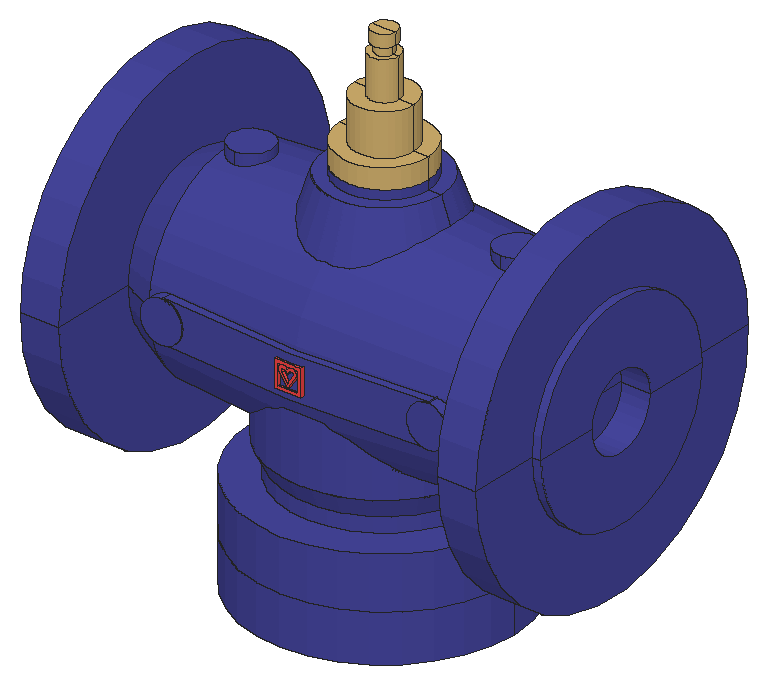
Revit family "Клапан проходной регулирующий, фланцевый F 4035_PN25", category Rohrzubehör, Revit 2019
Family settings
  Bemaßung runder Anschluss = Durchmesser verwenden
  Teiletyp = Unterbricht
  OmniClass-Nummer = 23.65.55.14
  OmniClass-Titel = Valves for Liquid Services
  Arbeitsebenenbasiert = Nein
  Immer vertikal = Ja
  Beim Laden mit Abzugskörper schneiden = Nein
  Gemeinsam genutzt = Nein
Parameters (values of type "kvs6.3")
  Среда = "Качество очистки воды должно соответствовать нормам ÖNORM H 5195 и VDI 2035 стандартам."
  Номер заказа [instance] = if(and(kvs1, Nennweite = 15 mm), 403540, if(and(kvs1.6, Nennweite = 15 mm), 403551, if(and(kvs2.5, Nennweite = 15 mm), 403561, if(and(kvs4, Nennweite = 15 mm), 403571, if(and(kvs6.3, Nennweite = 25 mm), 403543, if(and(kvs10, Nennweite = 25 mm), 403553, if(and(kvs16, Nennweite = 32 mm), 403544, if(and(kvs25, Nennweite = 40 mm), 403545, if(and(kvs40, Nennweite = 50 mm), 403556, if(and(kvs63, Nennweite = 65 mm), 403547, if(and(kvs100, Nennweite = 80 mm), 403548, if(and(kvs160, Nennweite = 100 mm), 403549, if(and(kvs250, Nennweite = 125 mm), 403550, if(and(kvs330, Nennweite = 150 mm), 403542, 0))))))))))))))  # 403543
  Вес [instance] = size_lookup("4035_PN25", "Gewicht", 25, Nennweite)  # 8
  kvs63 = no
  kvs6.3 = yes
  kvs40 = no
  kvs4 = no
  kvs330 = no
  kvs250 = no
  kvs25 = no
  kvs2.5 = no
  kvs160 = no
  kvs16 = no
  kvs100 = no
  kvs10 = no
  kvs1.6 = no
  kvs1 = no
  Седло клапана = "WN1.4021"  # constant formula
  Конус клапана (до DN50) = "WN1.4021"  # constant formula
  Конус клапана (от DN65) = "EN-GJL-250/WN1.4021"  # constant formula
  Пропускная характеристика клапана = "равнопроцентная"  # constant formula
  URL = "www.herz-armaturen.ru"
  Шток = "WN1.4404"  # constant formula
  SCTWSEQ = "FW;SBT_TYP_FW=\"101\";2"
  SCTWCODE = "04;05;02"  # constant formula
  SCRNSEQ = "ARM;ARM_TYP=\"DURR\";2"
  SCRNCODE = "05;06;02"  # constant formula
  R14 = 4 mm  # constant formula
  R13 = 3 mm  # constant formula
  R12 = 5 mm  # constant formula
  R11 [instance] = size_lookup("4035_PN25", "R11", 18 mm, Nennweite)  # 10 mm
  R10 [instance] = size_lookup("4035_PN25", "R10", 23 mm, Nennweite)  # 15 mm
  R09 [instance] = size_lookup("4035_PN25", "R9", 49 mm, Nennweite)  # 19.5 mm
  R08 [instance] = R00 + 3 mm  # 41 mm
  R07 [instance] = size_lookup("4035_PN25", "R7", 15.5 mm, Nennweite)  # 7 mm
  R06 [instance] = size_lookup("4035_PN25", "R6", 15.5 mm, Nennweite)  # 7 mm
  R05 [instance] = size_lookup("4035_PN25", "R5", 62.5 mm, Nennweite)  # 35.5 mm
  R04 [instance] = size_lookup("4035_PN25", "R4", 59.5 mm, Nennweite)  # 32.5 mm
  R03 [instance] = size_lookup("4035_PN25", "R3", 43 mm, Nennweite)  # 44 mm
  R02 [instance] = size_lookup("4035_PN25", "R2", 43 mm, Nennweite)  # 19.5 mm
  R01 [instance] = size_lookup("4035_PN25", "R1", 55.5 mm, Nennweite)  # 28.5 mm
  R00 [instance] = size_lookup("4035_PN25", "R", 65 mm, Nennweite)  # 38 mm
  PN = 25  # constant formula
  Nennweite [instance] = 25 mm
  Мин. рабочая температура = 5 °C  # constant formula
  Макс. рабочая температура = 150 °C  # constant formula
  Макс. рабочее давление = 2500000.0 Pa  # constant formula
  LO1 [instance] = size_lookup("4035_PN25", "LO1", 28.5 mm, Nennweite)  # 40 mm
  L07 [instance] = L06 - R06  # 45 mm
  L06 [instance] = size_lookup("4035_PN25", "L6", 110 mm, Nennweite)  # 52 mm
  L05 [instance] = D00  # 57.5 mm
  L03 = 10 mm  # constant formula
  L02 [instance] = size_lookup("4035_PN25", "L2", 15 mm, Nennweite)  # 13 mm
  L01 = 3 mm  # constant formula
  L00 [instance] = size_lookup("4035_PN25", "L", 145 mm, Nennweite)  # 80 mm
  Hersteller = "Herz-Armaturen GmbH"  # constant formula
  H18 [instance] = 17.5 mm  # constant formula
  H15 = 4 mm  # constant formula
  H14 [instance] = size_lookup("4035_PN25", "H14", 17 mm, Nennweite)  # 13 mm
  H13 [instance] = size_lookup("4035_PN25", "H13", 18 mm, Nennweite)  # 14 mm
  H12 [instance] = size_lookup("4035_PN25", "H12", 10.5 mm, Nennweite)  # 6.8 mm
  H11 [instance] = size_lookup("4035_PN25", "H11", 52.5 mm, Nennweite)  # 40.8 mm
  H10 [instance] = size_lookup("4035_PN25", "H10", 135.4 mm, Nennweite)  # 88.3 mm
  H09 = 3 mm  # constant formula
  H08 [instance] = size_lookup("4035_PN25", "H8", 79 mm, Nennweite)  # 44.5 mm
  H07 [instance] = R00  # 38 mm
  H06 [instance] = size_lookup("4035_PN25", "H6", 59 mm, Nennweite)  # 35 mm
  H05 [instance] = size_lookup("4035_PN25", "H5", 20 mm, Nennweite)  # 5 mm
  H04 [instance] = size_lookup("4035_PN25", "H4", 17 mm, Nennweite)  # 15 mm
  H02 [instance] = size_lookup("4035_PN25", "H2", 38 mm, Nennweite)  # 3 mm
  H03 [instance] = size_lookup("4035_PN25", "H3", 112 mm, Nennweite)  # 64 mm
  H01 [instance] = size_lookup("4035_PN25", "H1", 14 mm, Nennweite)  # 16 mm
  Корпус = "EN-GJS-400-18-LT (EN 1563)"  # constant formula
  Материал уплотнения = "70EPDM"  # constant formula
  DN80 [instance] = Nennweite = 80 mm  # no
  DN65 [instance] = Nennweite = 65 mm  # no
  DN50 [instance] = Nennweite = 50 mm  # no
  DN40 [instance] = Nennweite = 40 mm  # no
  DN32 [instance] = Nennweite = 32 mm  # no
  DN25 [instance] = Nennweite = 25 mm  # yes
  DN150 [instance] = Nennweite = 150 mm  # no
  DN15 [instance] = Nennweite = 15 mm  # no
  DN125 [instance] = Nennweite = 125 mm  # no
  DN100 [instance] = Nennweite = 100 mm  # no
  D02 [instance] = Nennweite / 2  # 12.5 mm
  D01 [instance] = size_lookup("4035_PN25", "D1", 61 mm, Nennweite)  # 34 mm
  D00 [instance] = size_lookup("4035_PN25", "D", 92.5 mm, Nennweite)  # 57.5 mm
  Область применения = "Клапан может использоваться в системах отопления, вентиляции и кондиционирования воздуха, в производственных и технологических процессах. Пропускная характеристика клапана - равнопроцентная. Соотношение регулирования (соотношение между пропускной способностью при номинальной высоте хода Kvs и минимальным значением пропускной способности, при которой погрешность регулирования находится в пределах номинального допуска Kvmin) - 30. Выбор проходного фланцевого клапана осущетвляется в соответствии с диаграммой значений kvs."
  Фланцевое соединение = "EN 1092-2"  # constant formula
Types (15, lengths in mm): name | Номер заказа | Вес | kvs63 | kvs6.3 | kvs40 | kvs4 | kvs330 | kvs250 | kvs25 | kvs2.5 | kvs160 | kvs16 | kvs100 | kvs10 | kvs1.6 | kvs1 | R11 | R10 | R09 | R08 | R07 | R06 | R05 | R04 | R03 | R02 | R01 | R00 | Nennweite | LO1 | L07 | L06 | L05 | L02 | L00 | H14 | H13 | H12 | H11 | H10 | H08 | H07 | H06 | H05 | H04 | H02 | H03 | H01 | DN80 | DN65 | DN50 | DN40 | DN32 | DN25 | DN150 | DN15 | DN125 | DN100 | D02 | D01 | D00
  (no name) | 403543 | 8 | no | yes | no | no | no | no | no | no | no | no | no | no | no | no | 10 | 15 | 19.5 | 41 | 7 | 7 | 35.5 | 32.5 | 44 | 19.5 | 28.5 | 38 | 25 | 40 | 45 | 52 | 57.5 | 13 | 80 | 13 | 14 | 6.8 | 40.8 | 88.3 | 44.5 | 38 | 35 | 5 | 15 | 3 | 64 | 16 | no | no | no | no | no | yes | no | no | no | no | 12.5 | 34 | 57.5
  kvs1 | 403540 | 5 | no | no | no | no | no | no | no | no | no | no | no | no | no | yes | 10 | 15 | 19.5 | 29.5 | 6 | 6 | 24 | 21 | 32.5 | 14 | 17 | 26.5 | 15 | 27.5 | 34 | 40 | 47.5 | 11 | 65 | 13 | 14 | 6.8 | 40.8 | 80.3 | 36.5 | 26.5 | 24.5 | 5 | 13 | 11 | 49 | 14 | no | no | no | no | no | no | no | yes | no | no | 7.5 | 22.5 | 47.5
  kvs1.6 | 403551 | 5 | no | no | no | no | no | no | no | no | no | no | no | no | yes | no | 10 | 15 | 19.5 | 29.5 | 6 | 6 | 24 | 21 | 32.5 | 14 | 17 | 26.5 | 15 | 27.5 | 34 | 40 | 47.5 | 11 | 65 | 13 | 14 | 6.8 | 40.8 | 80.3 | 36.5 | 26.5 | 24.5 | 5 | 13 | 11 | 49 | 14 | no | no | no | no | no | no | no | yes | no | no | 7.5 | 22.5 | 47.5
  kvs2.5 | 403561 | 5 | no | no | no | no | no | no | no | yes | no | no | no | no | no | no | 10 | 15 | 19.5 | 29.5 | 6 | 6 | 24 | 21 | 32.5 | 14 | 17 | 26.5 | 15 | 27.5 | 34 | 40 | 47.5 | 11 | 65 | 13 | 14 | 6.8 | 40.8 | 80.3 | 36.5 | 26.5 | 24.5 | 5 | 13 | 11 | 49 | 14 | no | no | no | no | no | no | no | yes | no | no | 7.5 | 22.5 | 47.5
  kvs4 | 403571 | 5 | no | no | no | yes | no | no | no | no | no | no | no | no | no | no | 10 | 15 | 19.5 | 29.5 | 6 | 6 | 24 | 21 | 32.5 | 14 | 17 | 26.5 | 15 | 27.5 | 34 | 40 | 47.5 | 11 | 65 | 13 | 14 | 6.8 | 40.8 | 80.3 | 36.5 | 26.5 | 24.5 | 5 | 13 | 11 | 49 | 14 | no | no | no | no | no | no | no | yes | no | no | 7.5 | 22.5 | 47.5
  kvs6.3 | 403543 | 8 | no | yes | no | no | no | no | no | no | no | no | no | no | no | no | 10 | 15 | 19.5 | 41 | 7 | 7 | 35.5 | 32.5 | 44 | 19.5 | 28.5 | 38 | 25 | 40 | 45 | 52 | 57.5 | 13 | 80 | 13 | 14 | 6.8 | 40.8 | 88.3 | 44.5 | 38 | 35 | 5 | 15 | 3 | 64 | 16 | no | no | no | no | no | yes | no | no | no | no | 12.5 | 34 | 57.5
  kvs10 | 403553 | 8 | no | no | no | no | no | no | no | no | no | no | no | yes | no | no | 10 | 15 | 19.5 | 41 | 7 | 7 | 35.5 | 32.5 | 44 | 19.5 | 28.5 | 38 | 25 | 40 | 45 | 52 | 57.5 | 13 | 80 | 13 | 14 | 6.8 | 40.8 | 88.3 | 44.5 | 38 | 35 | 5 | 15 | 3 | 64 | 16 | no | no | no | no | no | yes | no | no | no | no | 12.5 | 34 | 57.5
  kvs16 | 403544 | 11.5 | no | no | no | no | no | no | no | no | no | yes | no | no | no | no | 10 | 15 | 20.5 | 46 | 9 | 9 | 40.5 | 37.5 | 49 | 24.5 | 33.5 | 43 | 32 | 45 | 51 | 60 | 70 | 13 | 90 | 17 | 18 | 10.5 | 52.5 | 102 | 46.5 | 43 | 39 | 15 | 15 | 4 | 84 | 16 | no | no | no | no | yes | no | no | no | no | no | 16 | 39 | 70
  kvs25 | 403545 | 13 | no | no | no | no | no | no | yes | no | no | no | no | no | no | no | 10 | 15 | 20.5 | 51 | 12 | 12 | 45.5 | 42.5 | 54 | 29 | 38.5 | 48 | 40 | 50 | 56 | 68 | 75 | 13 | 100 | 17 | 18 | 10.5 | 52.5 | 112 | 56.5 | 48 | 43 | 20 | 15 | 1 | 94 | 16 | no | no | no | yes | no | no | no | no | no | no | 20 | 44 | 75
  kvs63 | 403547 | 25 | yes | no | no | no | no | no | no | no | no | no | no | no | no | no | 18 | 23 | 49 | 68 | 15.5 | 15.5 | 62.5 | 59.5 | 71 | 43 | 55.5 | 65 | 65 | 68 | 94.5 | 110 | 92.5 | 15 | 145 | 17 | 18 | 10.5 | 52.5 | 135.4 | 79 | 65 | 59 | 20 | 17 | 38 | 112 | 18 | no | yes | no | no | no | no | no | no | no | no | 32.5 | 61 | 92.5
  kvs100 | 403548 | 31 | no | no | no | no | no | no | no | no | no | no | yes | no | no | no | 18 | 23 | 49 | 76 | 15.5 | 15.5 | 70.5 | 67.5 | 79 | 51 | 63.5 | 73 | 80 | 77 | 99.5 | 115 | 100 | 17 | 155 | 17 | 18 | 10.5 | 52.5 | 168.5 | 113 | 73 | 65 | 20 | 19 | 46 | 125 | 20 | yes | no | no | no | no | no | no | no | no | no | 40 | 69 | 100
  kvs160 | 403549 | 46 | no | no | no | no | no | no | no | no | yes | no | no | no | no | no | 30 | 35 | 61 | 86 | 20.5 | 20.5 | 80.5 | 77.5 | 89 | 61 | 73.5 | 83 | 100 | 88 | 112.5 | 133 | 110 | 17 | 175 | 21 | 22 | 14.2 | 64.2 | 189.7 | 122.5 | 83 | 73 | 25 | 19 | 65 | 135 | 20 | no | no | no | no | no | no | no | no | no | yes | 50 | 79 | 110
  kvs250 | 403550 | 72 | no | no | no | no | no | yes | no | no | no | no | no | no | no | no | 30 | 35 | 61 | 101 | 20.5 | 20.5 | 95.5 | 92.5 | 104 | 76 | 88.5 | 98 | 125 | 103 | 134.5 | 155 | 125 | 19 | 200 | 21 | 22 | 14.2 | 64.2 | 231 | 163.5 | 98 | 80 | 30 | 21 | 44 | 158 | 21 | no | no | no | no | no | no | no | no | yes | no | 62.5 | 94 | 125
  kvs330 | 403542 | 91 | no | no | no | no | yes | no | no | no | no | no | no | no | no | no | 30 | 35 | 61 | 113 | 20.5 | 20.5 | 107.5 | 104.5 | 116 | 88 | 100.5 | 110 | 150 | 115 | 174.5 | 195 | 142.5 | 19 | 240 | 21 | 22 | 14.2 | 64.2 | 237.5 | 170 | 110 | 85 | 25 | 21 | 42 | 153 | 21 | no | no | no | no | no | no | yes | no | no | no | 75 | 106 | 142.5
  kvs40 | 403556 | 16 | no | no | yes | no | no | no | no | no | no | no | no | no | no | no | 18 | 23 | 49 | 56 | 13.5 | 13.5 | 52.5 | 49.5 | 61 | 34 | 45.5 | 53 | 50 | 56 | 66.5 | 80 | 82.5 | 15 | 115 | 17 | 18 | 10.5 | 52.5 | 122 | 66.5 | 53 | 43 | 1 | 15 | 42 | 67 | 18 | no | no | yes | no | no | no | no | no | no | no | 25 | 51 | 82.5
Reference planes
  plane 1 "Mitte (Vorne/hinten)": y = 0
  plane 2: z = 0
  plane 3 "Mitte (Links/rechts)": x = 0
Forms (mm)
  Revolve 1, solid, material "kunststoff-BLAU", detail levels fine
    sketch origin (1065, 0, 0) x (1, 0, 0) y (0, 1, 0)
      loop
        line (-1142, 34) -> (-1145, 34) -> (-1145, 12.5) -> (-1135, 12.5) -> (-1135, 0) -> (-995, 0) -> (-995, 12.5) -> (-985, 12.5) -> (-985, 34) -> (-988, 34) -> (-988, 57.5) -> (-1001, 57.5) -> (-1001, 28.5) -> (-1013, 34.447)
        arc (-1013, 34.447) -> (-1065, 38) -> (-1117, 34.447) r 382.331
        line (-1117, 34.447) -> (-1129, 28.5) -> (-1129, 57.5) -> (-1142, 57.5) -> (-1142, 34)
      axis (-985, 0) -> (-1145, 0)
    angle from 0 to 360
  Extrusion 2, solid, material "kunststoff-BLAU", detail levels fine
    sketch origin (0, 0, 0) x (-1, 0, 0) y (0, 0, -1)
      loop
        circle (45, 0) r 7
      loop
        circle (-45, 0) r 7
    from -38 to 38
  Extrusion 3, solid, material "kunststoff-BLAU", visible <- "DN65", detail levels fine
    sketch origin (0, 0, 0) x (1, 0, 0) y (0, 1, 0)
      loop
        arc (-95, -56.907) -> (0, -68) -> (95, -56.907) r 412.331
        line (95, -56.907) -> (95, 56.907)
        arc (95, 56.907) -> (0, 68) -> (-95, 56.907) r 412.331
        line (-95, 56.907) -> (-95, -56.907)
    from -15.5 to 15.5
  Revolve 4, solid, material "kunststoff-BLAU", detail levels fine
    sketch origin (0, 0, 0) x (1, 0, 0) y (0, 0, 1)
      loop
        line (-19.5, 44.5) -> (-35.5, 0) -> (0, 0) -> (0, 47.5) -> (-15, 47.5) -> (-15, 44.5) -> (-19.5, 44.5)
      axis (0, 47.5) -> (0, 0)
    angle from 0 to 360
  Revolve 5, solid, material "kunststoff-BLAU", detail levels fine
    sketch origin (0, 0, 0) x (1, 0, 0) y (0, 0, 1)
      loop
        line (0, 0) -> (-35.5, 0) -> (-35.5, -35) -> (-32.5, -41.5) -> (-32.5, -46.5) -> (-44, -46.5) -> (-44, -64) -> (0, -64) -> (0, 0)
      axis (0, 0) -> (0, -64)
    angle from 0 to 360
  Revolve 6, solid, material "kunststoff-BLAU", detail levels fine
    sketch origin (0, 0, 0) x (1, 0, 0) y (0, 0, 1)
      loop
        line (0, -64) -> (-44, -64) -> (-44, -80) -> (0, -80) -> (0, -64)
      axis (0, -64) -> (0, -80)
    angle from 0 to 360
  Extrusion 7, solid, material "kunststoff-BLAU", detail levels fine
    sketch origin (0, 0, 0) x (0, -1, 0) y (1, 0, 0)
      loop
        circle (0, -45) r 7
      loop
        circle (0, 45) r 7
    from -38 to 38
  Extrusion 8, solid, material "kunststoff-BLAU", visible <- "DN150", detail levels fine
    sketch origin (0, 0, 0) x (1, 0, 0) y (0, 1, 0)
      loop
        arc (-179.5, -78.475) -> (0, -115) -> (179.5, -78.475) r 459.331
        line (179.5, -78.475) -> (179.5, 78.475)
        arc (179.5, 78.475) -> (0, 115) -> (-179.5, 78.475) r 459.331
        line (-179.5, 78.475) -> (-179.5, -78.475)
    from -20.5 to 20.5
  Extrusion 9, solid, material "kunststoff-BLAU", visible <- "DN125", detail levels fine
    sketch origin (0, 0, 0) x (1, 0, 0) y (0, 1, 0)
      loop
        arc (-134.5, -82.301) -> (0, -103) -> (134.5, -82.301) r 447.331
        line (134.5, -82.301) -> (134.5, 82.301)
        arc (134.5, 82.301) -> (0, 103) -> (-134.5, 82.301) r 447.331
        line (-134.5, 82.301) -> (-134.5, -82.301)
    from -20.5 to 20.5
  Extrusion 10, solid, material "kunststoff-BLAU", visible <- "DN100", detail levels fine
    sketch origin (0, 0, 0) x (1, 0, 0) y (0, 1, 0)
      loop
        arc (-112.5, -73.106) -> (0, -88) -> (112.5, -73.106) r 432.331
        line (112.5, -73.106) -> (112.5, 73.106)
        arc (112.5, 73.106) -> (0, 88) -> (-112.5, 73.106) r 432.331
        line (-112.5, 73.106) -> (-112.5, -73.106)
    from -20.5 to 20.5
  Extrusion 11, solid, material "kunststoff-BLAU", visible <- "DN80", detail levels fine
    sketch origin (0, 0, 0) x (1, 0, 0) y (0, 1, 0)
      loop
        line (99.5, -65.083) -> (99.5, 65.083)
        arc (99.5, 65.083) -> (0, 77) -> (-99.5, 65.083) r 421.331
        line (-99.5, 65.083) -> (-99.5, -65.083)
        arc (-99.5, -65.083) -> (0, -77) -> (99.5, -65.083) r 421.331
    from -15.5 to 15.5
  Extrusion 12, solid, material "kunststoff-BLAU", visible <- "DN50", detail levels fine
    sketch origin (0, 0, 0) x (1, 0, 0) y (0, 1, 0)
      loop
        arc (-66.5, -50.44) -> (0, -56.006) -> (66.5, -50.44) r 400.05
        line (66.5, -50.44) -> (66.5, 50.44)
        arc (66.5, 50.44) -> (0, 56.006) -> (-66.5, 50.44) r 400.05
        line (-66.5, 50.44) -> (-66.5, -50.44)
    from -13.5 to 13.5
  Extrusion 13, solid, material "kunststoff-BLAU", visible <- "DN40", detail levels fine
    sketch origin (0, 0, 0) x (1, 0, 0) y (0, 1, 0)
      loop
        arc (-56, -46.003) -> (0, -50) -> (56, -46.003) r 394.331
        line (56, -46.003) -> (56, 46.003)
        arc (56, 46.003) -> (0, 50) -> (-56, 46.003) r 394.331
        line (-56, 46.003) -> (-56, -46.003)
    from -12 to 12
  Extrusion 14, solid, material "kunststoff-BLAU", visible <- "DN32", detail levels fine
    sketch origin (0, 0, 0) x (1, 0, 0) y (0, 1, 0)
      loop
        arc (-51, -41.645) -> (0, -45) -> (51, -41.645) r 389.331
        line (51, -41.645) -> (51, 41.645)
        arc (51, 41.645) -> (0, 45) -> (-51, 41.645) r 389.331
        line (-51, 41.645) -> (-51, -41.645)
    from -9 to 9
  Extrusion 15, solid, material "kunststoff-BLAU", visible <- "DN25", detail levels fine
    sketch origin (0, 0, 0) x (1, 0, 0) y (0, 1, 0)
      loop
        line (45, -37.356) -> (45, 37.356)
        arc (45, 37.356) -> (0, 40) -> (-45, 37.356) r 384.331
        line (-45, 37.356) -> (-45, -37.356)
        arc (-45, -37.356) -> (0, -40) -> (45, -37.356) r 384.331
    from -7 to 7
  Extrusion 16, solid, material "kunststoff-BLAU", visible <- "DN15", detail levels fine
    sketch origin (0, 0, 0) x (1, 0, 0) y (0, 1, 0)
      loop
        line (-34, 25.942) -> (-34, -25.942)
        arc (-34, -25.942) -> (0, -27.5) -> (34, -25.942) r 371.831
        line (34, -25.942) -> (34, 25.942)
        arc (34, 25.942) -> (0, 27.5) -> (-34, 25.942) r 371.831
    from -6 to 6
  Revolve 17, solid, material "Messing-poliert", detail levels fine
    sketch origin (0, 0, 0) x (1, 0, 0) y (0, 0, 1)
      loop
        line (-15, 54.3) -> (-15, 47.5) -> (0, 47.5) -> (0, 88.3) -> (-4, 88.3) -> (-4, 84.3) -> (-3, 84.3) -> (-3, 81.3) -> (-5, 81.3) -> (-5, 68.3) -> (-10, 68.3) -> (-10, 54.3) -> (-15, 54.3)
      axis (0, 88.3) -> (0, 47.5)
    angle from 0 to 360
Lines and regions (mm)
  model lines, detail levels coarse+medium
    curve 1: line (80, 57.5, 0) -> (80, -57.5, 0)
    curve 2: line (80, -57.5, 0) -> (-80, 57.5, 0)
    curve 3: line (-80, 57.5, 0) -> (-80, -57.5, 0)
    curve 4: line (-80, -57.5, 0) -> (80, 57.5, 0)
    curve 5: line (80, 0, 57.5) -> (80, 0, -57.5)
    curve 6: line (80, 0, -57.5) -> (-80, 0, 57.5)
    curve 7: line (-80, 0, 57.5) -> (-80, 0, -57.5)
    curve 8: line (-80, 0, -57.5) -> (80, 0, 57.5)
Dimensions and locks
  "L00": Revolve 1 sketch curve to plane 3 "Mitte (Links/rechts)" to Revolve 1 sketch curve
  "D00": plane 1 "Mitte (Vorne/hinten)" to Revolve 1 sketch curve  (x2)
  "D02": plane 1 "Mitte (Vorne/hinten)" to Revolve 1 sketch curve  (x2)
  "L01": Revolve 1 sketch curve to Revolve 1 sketch curve  (x2)
  "L02": Revolve 1 sketch curve to Revolve 1 sketch curve  (x2)
  "D01": plane 1 "Mitte (Vorne/hinten)" to Revolve 1 sketch curve  (x2)
  "R01": plane 1 "Mitte (Vorne/hinten)" to Revolve 1 sketch curve  (x2)
  "R00": Revolve 1 sketch curve to Revolve 1 sketch curve
  "L03": Revolve 1 sketch curve to Revolve 1 sketch curve  (x2)
  "H01": Revolve 6 sketch curve to Revolve 6 sketch curve
  "R03": plane 3 "Mitte (Links/rechts)" to Revolve 6 sketch curve
  "R03": Revolve 5 sketch curve to Revolve 5 sketch curve
  "H03": plane 2 to Revolve 5 sketch curve
  "H06": Revolve 5 sketch curve to Revolve 5 sketch curve
  "R04": Revolve 5 sketch curve to Revolve 5 sketch curve
  "R05": Revolve 5 sketch curve to Revolve 5 sketch curve
  "H05": Revolve 5 sketch curve to Revolve 5 sketch curve
  "L06": Revolve 1 sketch curve to plane 3 "Mitte (Links/rechts)" to Revolve 1 sketch curve
  "H03": plane 2 to Revolve 6 sketch curve
  "R09": Revolve 4 sketch curve to Revolve 4 sketch curve
  "R05": Revolve 4 sketch curve to Revolve 4 sketch curve
  "H07": Extrusion 7 to plane 2 to Extrusion 7  (x2)
  "L07": plane 3 "Mitte (Links/rechts)" to Extrusion 7 sketch curve
  "L07": Extrusion 7 sketch curve to plane 3 "Mitte (Links/rechts)"
  "H07": Extrusion 2 to plane 1 "Mitte (Vorne/hinten)"  (x3)
  "L07": plane 3 "Mitte (Links/rechts)" to Extrusion 2 sketch curve
  "L07": Extrusion 2 sketch curve to plane 3 "Mitte (Links/rechts)"
  "H07": plane 1 "Mitte (Vorne/hinten)" to Extrusion 2
  "H08": Revolve 4 sketch curve to plane 2
  "H09": Revolve 4 sketch curve to Revolve 4 sketch curve
  "R10": plane 3 "Mitte (Links/rechts)" to Revolve 4 sketch curve
  "H11": Revolve 17 sketch curve to Revolve 17 sketch curve
  "H10": Revolve 17 sketch curve to plane 2
  "R10": plane 3 "Mitte (Links/rechts)" to Revolve 17 sketch curve
  "H12": Revolve 17 sketch curve to Revolve 17 sketch curve
  "H13": Revolve 17 sketch curve to Revolve 17 sketch curve
  "H14": Revolve 17 sketch curve to Revolve 17 sketch curve
  "H15": Revolve 17 sketch curve to Revolve 17 sketch curve
  "R14": plane 3 "Mitte (Links/rechts)" to Revolve 17 sketch curve
  "R13": plane 3 "Mitte (Links/rechts)" to Revolve 17 sketch curve
  "R11": plane 3 "Mitte (Links/rechts)" to Revolve 17 sketch curve
  "R12": plane 3 "Mitte (Links/rechts)" to Revolve 17 sketch curve
  "LO1": nested 1 to plane 1 "Mitte (Vorne/hinten)"
  "H18": Revolve 5 sketch curve to Revolve 6
  "L00": curve 3 to plane 3 "Mitte (Links/rechts)" to curve 1
  "D00": curve 4 to plane 1 "Mitte (Vorne/hinten)" to curve 3
  "D00": curve 2 to plane 1 "Mitte (Vorne/hinten)" to curve 4
  "L00": curve 7 to plane 3 "Mitte (Links/rechts)" to curve 5
  "D00": curve 8 to plane 2 to curve 6
  "D00": curve 7 to plane 2 to curve 8
  "R06": radius of Extrusion 7 sketch curve  (x2)
  "R07": radius of Extrusion 2 sketch curve  (x2)
  aligned and locked: level to plane 2
Automatic sketch dimensions
  Extrusion 3 sketch curve to plane 1 "Mitte (Vorne/hinten)" = 56.907 mm  (x2)
  Extrusion 3 sketch curve to plane 3 "Mitte (Links/rechts)" = 0 mm  (x2)
  Extrusion 3 sketch curve to Extrusion 3 sketch curve = 113.814 mm
  Extrusion 3 sketch curve to Extrusion 3 sketch curve = 287.425 mm
  Extrusion 3 sketch curve to plane 1 "Mitte (Vorne/hinten)" = 344.331 mm
  plane 3 "Mitte (Links/rechts)" to Extrusion 3 sketch curve = 95 mm
  Extrusion 8 sketch curve to plane 3 "Mitte (Links/rechts)" = 0 mm  (x2)
  Extrusion 8 sketch curve to plane 1 "Mitte (Vorne/hinten)" = 78.475 mm  (x2)
  plane 1 "Mitte (Vorne/hinten)" to Extrusion 8 sketch curve = 78.475 mm
  Extrusion 8 sketch curve to plane 3 "Mitte (Links/rechts)" = 179.5 mm
  Extrusion 8 sketch curve to Extrusion 8 sketch curve = 265.857 mm
  Extrusion 8 sketch curve to plane 1 "Mitte (Vorne/hinten)" = 344.331 mm
  plane 3 "Mitte (Links/rechts)" to Extrusion 9 sketch curve = 134.5 mm
  plane 1 "Mitte (Vorne/hinten)" to Extrusion 9 sketch curve = 82.301 mm  (x2)
  Extrusion 9 sketch curve to plane 3 "Mitte (Links/rechts)" = 0 mm  (x2)
  Extrusion 9 sketch curve to Extrusion 9 sketch curve = 262.031 mm  (x2)
  Extrusion 9 sketch curve to plane 1 "Mitte (Vorne/hinten)" = 82.301 mm
  Extrusion 10 sketch curve to plane 3 "Mitte (Links/rechts)" = 0 mm  (x2)
  plane 1 "Mitte (Vorne/hinten)" to Extrusion 10 sketch curve = 73.106 mm
  Extrusion 10 sketch curve to plane 3 "Mitte (Links/rechts)" = 112.5 mm
  Extrusion 10 sketch curve to Extrusion 10 sketch curve = 271.225 mm
  Extrusion 10 sketch curve to plane 1 "Mitte (Vorne/hinten)" = 344.331 mm
  Extrusion 10 sketch curve to plane 1 "Mitte (Vorne/hinten)" = 73.106 mm  (x2)
  Extrusion 11 sketch curve to plane 3 "Mitte (Links/rechts)" = 0 mm  (x2)
  plane 1 "Mitte (Vorne/hinten)" to Extrusion 11 sketch curve = 65.083 mm  (x2)
  Extrusion 11 sketch curve to plane 3 "Mitte (Links/rechts)" = 99.5 mm
  Extrusion 11 sketch curve to Extrusion 11 sketch curve = 279.249 mm
  Extrusion 11 sketch curve to plane 1 "Mitte (Vorne/hinten)" = 344.331 mm
  Extrusion 11 sketch curve to plane 1 "Mitte (Vorne/hinten)" = 65.083 mm
  Extrusion 12 sketch curve to plane 3 "Mitte (Links/rechts)" = 0 mm  (x2)
  Extrusion 12 sketch curve to plane 3 "Mitte (Links/rechts)" = 66.5 mm
  plane 3 "Mitte (Links/rechts)" to Extrusion 12 sketch curve = 66.5 mm
  plane 1 "Mitte (Vorne/hinten)" to Extrusion 12 sketch curve = 344.044 mm
  plane 1 "Mitte (Vorne/hinten)" to Extrusion 12 sketch curve = 50.44 mm
  Extrusion 12 sketch curve to plane 1 "Mitte (Vorne/hinten)" = 50.44 mm
  Extrusion 12 sketch curve to Extrusion 12 sketch curve = 293.604 mm
  Extrusion 13 sketch curve to plane 3 "Mitte (Links/rechts)" = 0 mm  (x2)
  Extrusion 13 sketch curve to plane 3 "Mitte (Links/rechts)" = 56 mm
  plane 3 "Mitte (Links/rechts)" to Extrusion 13 sketch curve = 56 mm
  plane 1 "Mitte (Vorne/hinten)" to Extrusion 13 sketch curve = 344.331 mm
  plane 1 "Mitte (Vorne/hinten)" to Extrusion 13 sketch curve = 46.003 mm
  Extrusion 13 sketch curve to plane 1 "Mitte (Vorne/hinten)" = 46.003 mm
  Extrusion 13 sketch curve to Extrusion 13 sketch curve = 298.328 mm
  Extrusion 14 sketch curve to plane 3 "Mitte (Links/rechts)" = 0 mm  (x2)
  Extrusion 14 sketch curve to plane 3 "Mitte (Links/rechts)" = 51 mm
  plane 3 "Mitte (Links/rechts)" to Extrusion 14 sketch curve = 51 mm
  plane 1 "Mitte (Vorne/hinten)" to Extrusion 14 sketch curve = 344.331 mm
  plane 1 "Mitte (Vorne/hinten)" to Extrusion 14 sketch curve = 41.645 mm
  Extrusion 14 sketch curve to plane 1 "Mitte (Vorne/hinten)" = 41.645 mm
  Extrusion 14 sketch curve to Extrusion 14 sketch curve = 302.686 mm
  Extrusion 15 sketch curve to plane 3 "Mitte (Links/rechts)" = 0 mm  (x2)
  Extrusion 15 sketch curve to plane 3 "Mitte (Links/rechts)" = 45 mm
  plane 3 "Mitte (Links/rechts)" to Extrusion 15 sketch curve = 45 mm
  plane 1 "Mitte (Vorne/hinten)" to Extrusion 15 sketch curve = 344.331 mm
  plane 1 "Mitte (Vorne/hinten)" to Extrusion 15 sketch curve = 37.356 mm
  Extrusion 15 sketch curve to plane 1 "Mitte (Vorne/hinten)" = 37.356 mm
  Extrusion 15 sketch curve to Extrusion 15 sketch curve = 306.975 mm
  Extrusion 16 sketch curve to plane 3 "Mitte (Links/rechts)" = 0 mm  (x2)
  Extrusion 16 sketch curve to plane 3 "Mitte (Links/rechts)" = 34 mm
  plane 3 "Mitte (Links/rechts)" to Extrusion 16 sketch curve = 34 mm
  plane 1 "Mitte (Vorne/hinten)" to Extrusion 16 sketch curve = 344.331 mm
  plane 1 "Mitte (Vorne/hinten)" to Extrusion 16 sketch curve = 25.942 mm
  Extrusion 16 sketch curve to plane 1 "Mitte (Vorne/hinten)" = 25.942 mm
  Extrusion 16 sketch curve to Extrusion 16 sketch curve = 318.389 mm
  plane 1 "Mitte (Vorne/hinten)" to Revolve 1 sketch curve = 0 mm  (x2)
  Revolve 1 sketch curve to plane 3 "Mitte (Links/rechts)" = 0 mm
  plane 1 "Mitte (Vorne/hinten)" to Revolve 1 sketch curve = 344.331 mm
  Revolve 1 sketch curve to Revolve 1 sketch curve = 1855 mm  (x2)
  Extrusion 2 sketch curve to level = 0 mm  (x2)
  Revolve 4 sketch curve to level = 0 mm
  Revolve 4 sketch curve to plane 3 "Mitte (Links/rechts)" = 0 mm  (x2)
  Revolve 4 sketch curve to Revolve 4 sketch curve = 366.045 mm
  Revolve 4 sketch curve to Revolve 4 sketch curve = 2132.315 mm
  Revolve 5 sketch curve to level = 0 mm
  Revolve 5 sketch curve to plane 3 "Mitte (Links/rechts)" = 0 mm  (x2)
  Revolve 5 sketch curve to Revolve 5 sketch curve = 254.045 mm
  level to Revolve 5 sketch curve = 2214.315 mm
  Revolve 6 sketch curve to plane 3 "Mitte (Links/rechts)" = 0 mm  (x2)
  Revolve 6 sketch curve to Revolve 6 sketch curve = 0 mm
  level to Revolve 6 sketch curve = 2214.315 mm
  plane 1 "Mitte (Vorne/hinten)" to Extrusion 7 sketch curve = 0 mm  (x2)
  Revolve 17 sketch curve to plane 3 "Mitte (Links/rechts)" = 0 mm  (x2)
  Revolve 17 sketch curve to level = 366.045 mm
  Revolve 17 sketch curve to Revolve 17 sketch curve = 2079.815 mm
Nested families
  nested 1: "Herz-Logo-vorne" at (-0.018, -40, 0) x (0, 1, 0) z (0, 0, 1), type "Herz-Logo-vorne", detail levels fine
Connectors
  piping at (-80, 0, 0), diameter 25, driven by "Nennweite"
    settings: on Revolve 1, index 1, connector inside diameter 609.6 mm, connector length 0 mm, flow factor 0, pipe flow 0.0 L/s, pressure drop 0.0 Pa, fitting loss kfactor 0, connector angle 0.00°, fixture units 0, engagement length 0 mm, angle of deflection 0.00°, flow configuration 0, flow direction 1, fitting loss method 0, system type 29, joint type 0, gender type 0, connector reference index -1, connector utility 0, adjustable connector no, is connector primary yes, connector description ""
  piping at (80, 0, 0), diameter 25, driven by "Nennweite"
    settings: on Revolve 1, index 2, connector inside diameter 609.6 mm, connector length 0 mm, flow factor 0, pipe flow 0.0 L/s, pressure drop 0.0 Pa, fitting loss kfactor 0, connector angle 0.00°, fixture units 0, engagement length 0 mm, angle of deflection 0.00°, flow configuration 0, flow direction 2, fitting loss method 0, system type 29, joint type 0, gender type 0, connector reference index -1, connector utility 0, adjustable connector no, is connector primary no, connector description ""
Definition of nested family "Herz-Logo-vorne"
  Reference planes
    plane 1 "Mitte (Vorne/hinten)": y = 0
    plane 2: z = 0
    plane 3 "Mitte (Links/rechts)": x = 0
  Forms (mm)
    Extrusion 1, solid
      sketch origin (0.732, -0.018, 0.017) x (0, -1, 0) y (0, 0, 1)
        loop
          line (-0.018, -4.517) -> (4.482, -4.517) -> (4.482, 4.483) -> (-4.518, 4.483) -> (-4.518, -4.517) -> (-0.018, -4.517)
        loop
          line (-0.05, -3.48) -> (3.482, -3.48) -> (3.482, 3.483) -> (-3.518, 3.483) -> (-3.518, -3.48) -> (-0.05, -3.48)
        loop
          arc (-0.018, 2.383) -> (-1.543, 3.287) -> (-3.067, 2.383) r 1.738
          arc (-3.067, 2.383) -> (-3.191, 1.899) -> (-3.067, 1.415) r 1.009
          line (-3.067, 1.415) -> (-0.018, -3.281) -> (3.032, 1.415)
          arc (3.032, 1.415) -> (3.156, 1.899) -> (3.032, 2.383) r 1.009
          arc (3.032, 2.383) -> (1.507, 3.287) -> (-0.018, 2.383) r 1.738
        loop
          arc (1.885, 1.272) -> (2.005, 1.675) -> (1.885, 2.079) r 0.74
          arc (1.885, 2.079) -> (1.265, 2.416) -> (0.644, 2.079) r 0.74
          line (0.644, 2.079) -> (-0.018, 0.97) -> (-0.679, 2.079)
          arc (-0.679, 2.079) -> (-1.3, 2.416) -> (-1.921, 2.079) r 0.74
          arc (-1.921, 2.079) -> (-2.04, 1.675) -> (-1.921, 1.272) r 0.74
          line (-1.921, 1.272) -> (-0.018, -1.658) -> (1.885, 1.272)
      from 0 to 1.5
  Dimensions and locks
    aligned and locked: level to plane 2
